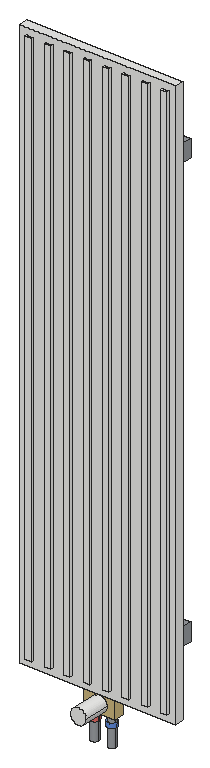
Revit family "CVC_Radiateur_Finimetal_Reggane-3000", category Equipement de génie climatique, Revit 2026
Family settings
  Cote de connecteur circulaire = Utiliser le diamètre
  Type d'élément = Normal
  Basée sur le plan de construction = Non
  Toujours verticalement = Oui
  Couper avec des vides une fois chargée = Non
  Conserver l'orientation des annotations = Non
  Partagée = Non
  Repère de localisation dans la pièce = Non
Parameters (values of type "10 V")
  Source = "CCTP lot 12 § 4.8.1"
  Modèle = "Reggane 3000"
  Fabricant = "Finimetal"
  Elévation par défaut = 0 mm
  Double panneau = no
  Description = "Radiateur vertical (horizontaux : Finimetal panneau acier ≤ 170 mm)"
  Caractéristiques CCTP = "Panneau acier vertical simple"
  A vérifier = "Largeur/hauteur selon la puissance de chaque local"
Types (2, lengths in mm): name | Double panneau | Caractéristiques CCTP
  10 V | no | "Panneau acier vertical simple"
  20 V | yes | "Panneau acier vertical double"
Reference planes
  plane 1 "Centre (avant/arrière)": y = 0
  plane 2: z = 0
  plane 3 "Centre (gauche/droite)": x = 0
Forms (mm)
  Extrusion 1, solid, material "EHPAD_blanc"
    sketch origin (0, 0, 150) x (1, 0, 0) y (0, 1, 0)
      loop
        line (-225, -50) -> (225, -50) -> (225, -25) -> (-225, -25) -> (-225, -50)
    from 0 to 1650
  Extrusion 2, solid, material "EHPAD_blanc"
    sketch origin (0, 0, 170) x (1, 0, 0) y (0, 1, 0)
      loop
        line (-205, -56) -> (-187, -56) -> (-187, -50) -> (-205, -50) -> (-205, -56)
    from 0 to 1610
  Extrusion 3, solid, material "EHPAD_blanc"
    sketch origin (0, 0, 170) x (1, 0, 0) y (0, 1, 0)
      loop
        line (-149, -56) -> (-131, -56) -> (-131, -50) -> (-149, -50) -> (-149, -56)
    from 0 to 1610
  Extrusion 4, solid, material "EHPAD_blanc"
    sketch origin (0, 0, 170) x (1, 0, 0) y (0, 1, 0)
      loop
        line (-93, -56) -> (-75, -56) -> (-75, -50) -> (-93, -50) -> (-93, -56)
    from 0 to 1610
  Extrusion 5, solid, material "EHPAD_blanc"
    sketch origin (0, 0, 170) x (1, 0, 0) y (0, 1, 0)
      loop
        line (-37, -56) -> (-19, -56) -> (-19, -50) -> (-37, -50) -> (-37, -56)
    from 0 to 1610
  Extrusion 6, solid, material "EHPAD_blanc"
    sketch origin (0, 0, 170) x (1, 0, 0) y (0, 1, 0)
      loop
        line (19, -56) -> (37, -56) -> (37, -50) -> (19, -50) -> (19, -56)
    from 0 to 1610
  Extrusion 7, solid, material "EHPAD_blanc"
    sketch origin (0, 0, 170) x (1, 0, 0) y (0, 1, 0)
      loop
        line (75, -56) -> (93, -56) -> (93, -50) -> (75, -50) -> (75, -56)
    from 0 to 1610
  Extrusion 8, solid, material "EHPAD_blanc"
    sketch origin (0, 0, 170) x (1, 0, 0) y (0, 1, 0)
      loop
        line (131, -56) -> (149, -56) -> (149, -50) -> (131, -50) -> (131, -56)
    from 0 to 1610
  Extrusion 9, solid, material "EHPAD_blanc"
    sketch origin (0, 0, 170) x (1, 0, 0) y (0, 1, 0)
      loop
        line (187, -56) -> (205, -56) -> (205, -50) -> (187, -50) -> (187, -56)
    from 0 to 1610
  Extrusion 10, solid, material "EHPAD_blanc", visible <- "Double panneau"
    sketch origin (0, 0, 150) x (1, 0, 0) y (0, 1, 0)
      loop
        line (-225, -10) -> (225, -10) -> (225, 15) -> (-225, 15) -> (-225, -10)
    from 0 to 1650
  Extrusion 11, solid, material "EHPAD_galva", visible <- "Double panneau"
    sketch origin (0, 0, 170) x (1, 0, 0) y (0, 1, 0)
      loop
        line (-215, -25) -> (215, -25) -> (215, -10) -> (-215, -10) -> (-215, -25)
    from 0 to 1610
  Extrusion 12, solid, material "EHPAD_gris", visible <- "Double panneau"
    sketch origin (0, 0, 1800) x (1, 0, 0) y (0, 1, 0)
      loop
        line (-225, -50) -> (225, -50) -> (225, 15) -> (-225, 15) -> (-225, -50)
    from 0 to 10
  Extrusion 13, solid, material "EHPAD_acier"
    sketch origin (0, 0, 300) x (1, 0, 0) y (0, 1, 0)
      loop
        line (-180, 15) -> (-140, 15) -> (-140, 60) -> (-180, 60) -> (-180, 15)
    from 0 to 50
  Extrusion 14, solid, material "EHPAD_acier"
    sketch origin (0, 0, 300) x (1, 0, 0) y (0, 1, 0)
      loop
        line (140, 15) -> (180, 15) -> (180, 60) -> (140, 60) -> (140, 15)
    from 0 to 50
  Extrusion 15, solid, material "EHPAD_acier"
    sketch origin (0, 0, 1550) x (1, 0, 0) y (0, 1, 0)
      loop
        line (-180, 15) -> (-140, 15) -> (-140, 60) -> (-180, 60) -> (-180, 15)
    from 0 to 50
  Extrusion 16, solid, material "EHPAD_acier"
    sketch origin (0, 0, 1550) x (1, 0, 0) y (0, 1, 0)
      loop
        line (140, 15) -> (180, 15) -> (180, 60) -> (140, 60) -> (140, 15)
    from 0 to 50
  Extrusion 17, solid, material "EHPAD_laiton"
    sketch origin (0, 0, 95) x (1, 0, 0) y (0, 1, 0)
      loop
        line (-45, -45) -> (45, -45) -> (45, -15) -> (-45, -15) -> (-45, -45)
    from 0 to 55
  Extrusion 18, solid, material "EHPAD_blanc"
    sketch origin (0, -45, 122) x (0, 0, -1) y (1, 0, 0)
      loop
        circle (0, 0) r 22
    from 0 to 75
  Extrusion 19, solid, material "EHPAD_acier"
    sketch origin (-25, -30, 95) x (0, 1, 0) y (1, 0, 0)
      loop
        circle (0, 0) r 10.65
    from 0 to 80
  Extrusion 20, solid, material "EHPAD_chaud"
    sketch origin (-25, -30, 80.6) x (0, 1, 0) y (1, 0, 0)
      loop
        circle (0, 0) r 13.65
    from 0 to 12
  Extrusion 21, solid, material "EHPAD_acier"
    sketch origin (25, -30, 95) x (0, 1, 0) y (1, 0, 0)
      loop
        circle (0, 0) r 10.65
    from 0 to 80
  Extrusion 22, solid, material "EHPAD_froid"
    sketch origin (25, -30, 80.6) x (0, 1, 0) y (1, 0, 0)
      loop
        circle (0, 0) r 13.65
    from 0 to 12
Dimensions and locks
  aligned and locked: level to plane 2
Connectors
  piping at (-25, -30, 15), diameter 15
    settings: on Extrusion 19, index 1, connector inside diameter 609.6 mm, connector length 0 mm, flow factor 0, pipe flow 0.0 L/s, pressure drop 0.0 Pa, fitting loss kfactor 0, connector angle 0.00°, fixture units 0, engagement length 0 mm, angle of deflection 0.00°, flow configuration 0, flow direction 0, fitting loss method 0, system type 7, joint type 0, gender type 0, connector reference index -1, connector utility 0, adjustable connector no, is connector primary yes, connector description "Aller"
  piping at (25, -30, 15), diameter 15
    settings: on Extrusion 21, index 2, connector inside diameter 609.6 mm, connector length 0 mm, flow factor 0, pipe flow 0.0 L/s, pressure drop 0.0 Pa, fitting loss kfactor 0, connector angle 0.00°, fixture units 0, engagement length 0 mm, angle of deflection 0.00°, flow configuration 0, flow direction 0, fitting loss method 0, system type 8, joint type 0, gender type 0, connector reference index -1, connector utility 0, adjustable connector no, is connector primary no, connector description "Retour"
